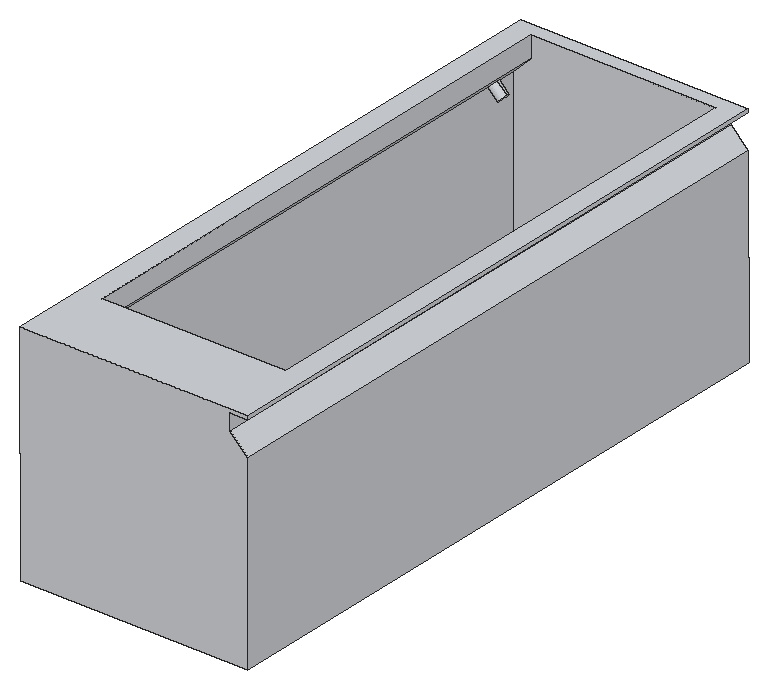
Revit family "Shower_Cabinet-Willoughby-US-3232-L", category Plumbing Fixtures, Revit 2015
Parameters (values of type "Standard")
  Waste Radius = Waste DIA / 2  # 1"
  Waste DIA = 2"
  Waste Connection = yes
  Vent Connection = no
  URL = "https://www.willoughby-ind.com/wp-content/uploads/2018/01/US-3636.pdf"
  Revision = "A"
  Model = "US-3232-L"
  Manufacturer = "Willoughby Industries"
  HW Connection = no
  HCW Inlet RAD = HCW Inlet DIA / 2  # 1/4"
  HCW Inlet DIA = 1/2"
  HCW Connection = yes
  Fixture Body = Stainless Steel AISI 304-Willoughby
  Description = "US 32\" X 32\" Series Cabinet Shower, Left Hand"
  Default Elevation = 0' - 0"
  Contact info = "(800) 428-4065"
  CW Connection = no
Reference planes (in)
  plane 1 "Center (Front/Back)": y = 0
  plane 2: z = 0
  plane 3 "Center (Left/Right)": x = 0
  plane 4: y = 88
  plane 5: x = -16
  plane 6: x = 16
  plane 7: z = 32
  plane 8: z = 16
  plane 9 "Waste Height": y = 6.5
Forms (in)
  Extrusion 1, solid
    sketch origin (0, 0, 0) x (1, 0, 0) y (0, 0, 1)
      loop
        line (-16, 0) -> (16, 0) -> (16, 26.70711) -> (13.5, 29.20711) -> (13.5, 31.5) -> (16, 31.5) -> (16, 32) -> (-16, 32) -> (-16, 0)
    from 0 to -88
  Extrusion 2, void, detail levels fine
    sketch origin (0, 0, 0) x (1, 0, 0) y (0, 0, 1)
      loop
        line (-15.5, 0.5) -> (15.5, 0.5) -> (15.5, 26.5) -> (13, 29) -> (-13, 29) -> (-15.5, 26.5) -> (-15.5, 0.5)
    from -9 to -10.5
  Extrusion 3, void, detail levels fine
    sketch origin (0.89838, 0, 1.72188) x (1, 0, 0) y (0, 0, 1)
      loop
        circle (-0.89838, 14.27812) r 2
    from -8.61062 to -9
  Extrusion 4, solid
    sketch origin (0, 0, 0) x (1, 0, 0) y (0, 1, 0)
      loop
        circle (0, 6.5) r 1
    from 0 to 5.55813
  Extrusion 5, solid
    sketch origin (15.61612, 0, 26.38388) x (-0.707107, 0, 0.707107) y (0, 1, 0)
      loop
        circle (1.93198, 81) r 0.75
    from 0 to 2
  Extrusion 6, void
    sketch origin (0, 10.5, 0) x (-1, 0, 0) y (0, 0, 1)
      loop
        line (-13, 32) -> (-13, 29) -> (-15.5, 26.5) -> (-15.5, 0.5) -> (15.5, 0.5) -> (15.5, 26.5) -> (13, 29) -> (13, 32) -> (-13, 32)
    from 0 to 75.5
  Extrusion 7, solid
    sketch origin (-15.61612, 0, 26.38388) x (0.707107, 0, 0.707107) y (0, -1, 0)
      loop
        circle (1.93198, -81) r 0.75
    from 0 to 2
Cuts and joins
  Extrusion 2, Extrusion 3, Extrusion 6 cuts Extrusion 1
Lines and regions (in)
  model lines, detail levels coarse+medium
    curve 1: line (-16, 0, 0) -> (16, 0, 0)
  symbolic lines
    curve 2: line (-16, 0, 0) -> (-16, 88, 0)
    curve 3: line (-16, 88, 0) -> (16, 88, 0)
    curve 4: line (16, 88, 0) -> (16, 0, 0)
    curve 5: line (16, 0, 0) -> (-16, 0, 0)
    curve 6: line (-13.5, 0, 0) -> (-13.5, 88, 0)
    curve 18: line (16, 0, 0) -> (16, 0, 32)
    curve 19: line (16, 0, 32) -> (-16, 0, 32)
    curve 20: line (-16, 0, 32) -> (-16, 0, 31.5)
    curve 21: line (-16, 0, 31.5) -> (-13.5, 0, 31.5)
    curve 22: line (-13.5, 0, 31.5) -> (-13.5, 0, 29.20711)
    curve 23: line (-13.5, 0, 29.20711) -> (-16, 0, 26.70711)
    curve 24: line (-16, 0, 26.70711) -> (-16, 0, 0)
    curve 25: line (0, 0, 0) -> (0, 88, 0)
    curve 26: line (0, 88, 0) -> (0, 88, 32)
    curve 27: line (0, 88, 32) -> (0, 0, 32)
    curve 28: line (0, 0, 32) -> (0, 0, 0)
  symbolic lines, detail levels medium+fine
    curve 7: line (-15.5, 9, 0) -> (-15.5, 86, 0)
    curve 8: line (-15.5, 86, 0) -> (15.5, 86, 0)
    curve 9: line (15.5, 86, 0) -> (15.5, 9, 0)
    curve 10: line (15.5, 9, 0) -> (-15.5, 9, 0)
    curve 11: line (-13, 9, 0) -> (-13, 86, 0)
    curve 12: line (13, 86, 0) -> (13, 9, 0)
    curve 17: line (13, 10.5, 0) -> (-13, 10.5, 0)
    curve 29: line (0, 0, 31.5) -> (0, 88, 31.5)
    curve 30: line (0, 0, 29.20711) -> (0, 88, 29.20711)
    curve 31: line (0, 0, 26.70711) -> (0, 88, 26.70711)
  symbolic lines, detail levels fine
    curve 13: circle (0, 50.98606, 0) r 0.74987 normal (0, 0, 1)
    curve 14: line (12.82213, 80.25409, 0) -> (13, 80.25409, 0)
    curve 15: line (13, 81.75409, 0) -> (12.82213, 81.75409, 0)
    curve 16: spline (12.82213, 81.75409, 0) -> (12.69272, 81.72853, 0) -> (12.57213, 81.65361, 0) -> (12.46858, 81.53442, 0) -> (12.38912, 81.37909, 0) -> (12.33917, 81.1982, 0) -> (12.32213, 81.00409, 0) -> (12.33917, 80.80998, 0) -> (12.38912, 80.62909, 0) -> (12.46858, 80.47376, 0) -> (12.57213, 80.35457, 0) -> (12.69272, 80.27965, 0) -> (12.82213, 80.25409, 0)
Dimensions and locks (in)
  cut or joined group of Extrusion 1, Extrusion 2, Extrusion 3, Extrusion 6 to plane 1 "Center (Front/Back)" = 0' - 9"
  plane 1 "Center (Front/Back)" to plane 9 "Waste Height" = 0' - 6 1/2"
  Extrusion 5 sketch curve to cut or joined group of Extrusion 1, Extrusion 2, Extrusion 3, Extrusion 6 = 6' - 0"
  locked: level to Extrusion 1 sketch curve at 32
  cut or joined group of Extrusion 1, Extrusion 2, Extrusion 3, Extrusion 6 to Extrusion 5 = 6' - 0"
  locked: plane 1 "Center (Front/Back)" to plane 4 at 88
  locked: plane 5 to plane 6 at 32
  locked: plane 9 "Waste Height" to cut or joined group of Extrusion 1, Extrusion 2, Extrusion 3, Extrusion 6 at 2.5
  locked: Extrusion 2 sketch curve to Extrusion 2 sketch curve (angle 45.00°)  (x2)
  aligned and locked: Extrusion 1 to plane 4
  aligned: plane 5 to Extrusion 1
  aligned and locked: level to Extrusion 1 sketch curve
  aligned and locked: Extrusion 6 sketch curve to cut or joined group of Extrusion 1, Extrusion 2, Extrusion 3, Extrusion 6  (x7)
  aligned and locked: cut or joined group of Extrusion 1, Extrusion 2, Extrusion 3, Extrusion 6 to Extrusion 6 sketch curve
  aligned and locked: cut or joined group of Extrusion 1, Extrusion 2, Extrusion 3, Extrusion 6 to cut or joined group of Extrusion 1, Extrusion 2, Extrusion 3, Extrusion 6
  aligned and locked: curve 1 to cut or joined group of Extrusion 1, Extrusion 2, Extrusion 3, Extrusion 6
Connectors (in)
  piping at (0, 6.5, 0), diameter 2, driven by "Waste Connection", driven by "Waste Radius"
    settings: on Extrusion 4, index 2, connector inside diameter 2", connector length 0' - 0", flow factor 0, pipe flow 0 GPM, pressure drop 0.00 psi, fitting loss kfactor 0, connector angle 0.00°, fixture units 0, engagement length 0' - 0", angle of deflection 0.00°, flow configuration 0, flow direction 2, fitting loss method 0, system type 16, joint type 0, gender type 0, connector reference index -1, connector utility 1, adjustable connector yes, is connector primary yes, connector description "Shower Drain"
